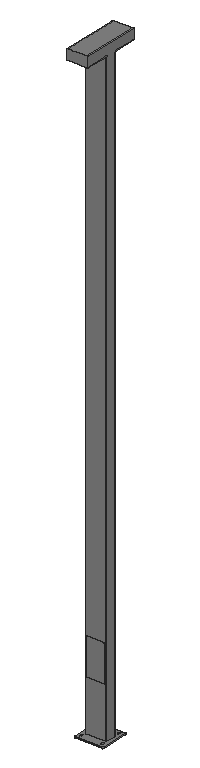
Revit family "Супремус В", category Осветительные приборы, Revit 2019 (continued)
Types (7, lengths in mm): name | Файл фотометрической сетки | built-in parameter 1150105 | Lumens | built-in parameter 1150106 | built-in parameter 1150142 | Wattage | L_общая рассеиватели | ADSK_Фактическая мощность | ADSK_Размер_Высота | ADSK_Номинальная мощность | ADSK_Наименование | ADSK_Масса_Текст | ADSK_Масса | ADSK_Артикул | 2
    0.0 0.0 0.0 0.0 0.0 0.0 0.0 0.0 0.0 0.0 0.0 0.0 0.0 0.0 0.0 0.0 0.0 0.0 0.0 0.0 0.0 0.0\r\n 0.0 0.0 0.0 0.0 0.0 0.0 0.0 0.0 0.0 0.0 0.0 0.0 0.0 0.0 0.0 0.0 0.0 0.0 0.0 0.0 0.0 0.0 0.0 0.0 0.0 0.0 0.0 0.0 0.0 0.0 0.0 0.0\r\n 0.0 0.0 0.0 0.0 0.0\r\n275.6 273.7 271.8 269.8 267.9 265.9 264.0 262.0 260.0 257.9 255.6 253.3 251.0 248.8 246.1 243.5 240.4 237.2 233.8 230.1 226.8\r\n 223.3 220.1 217.1 214.2 211.4 209.0 206.5 203.6 200.6 197.6 194.5 191.5 188.3 185.1 181.9 178.6 175.4 171.7 167.9 164.1 160.3\r\n 157.0 153.7 150.5 147.5 144.5 141.6 138.7 135.8 133.1 130.7 128.9 127.4 126.3 124.5 122.6 120.8 119.4 117.7 115.8 113.8 111.8\r\n 109.5 107.1 104.6 102.1 99.7 97.4 95.1 92.7 90.3 87.8 85.5 83.3 81.3 79.2 77.1 75.0 73.0 71.0 69.0 67.0 65.2 63.2 61.2 59.1 57.1\r\n 55.1 53.0 51.0 49.2 47.5 46.0 44.6 43.3 42.0 40.8 39.9 39.1 38.3 37.6 37.1 36.7 36.5 36.3 36.0 35.7 35.2 34.6 34.1 33.7 33.4 33.4\r\n 33.6 34.1 33.9 32.6 31.7 30.9 30.3 29.9 29.4 28.7 28.0 27.5 27.1 26.8 26.9 27.3 28.1 28.9 30.1 32.0 34.5 37.0 39.1 40.8 41.2 42.0\r\n 42.7 42.8 42.6 41.8 41.0 40.2 39.3 38.3 37.3 36.3 35.4 35.4 35.9 35.3 34.7 33.9 33.8 33.5 33.0 32.0 31.2 29.9 28.3 26.9 25.6 24.7\r\n 23.8 23.0 22.0 21.1 20.2 19.2 18.1 16.7 14.9 13.3 12.3 11.2 10.0 8.9 8.1 7.5 6.9 6.5 6.6 6.1 5.8 5.8 5.3 5.3 4.3 3.9 3.8 3.6 3.7\r\n 3.7 3.4 3.2 2.3 2.1 1.8 0.0 0.0 0.0 0.0 0.0 0.0 0.0 0.0 0.0 0.0 0.0 0.0 0.0 0.0 0.0 0.0 0.0 0.0 0.0 0.0 0.0 0.0 0.0 0.0 0.0 0.0\r\n 0.0 0.0 0.0 0.0 0.0 0.0 0.0 0.0 0.0 0.0 0.0 0.0 0.0 0.0 0.0 0.0 0.0 0.0 0.0 0.0 0.0 0.0 0.0 0.0 0.0 0.0 0.0 0.0 0.0 0.0 0.0 0.0\r\n 0.0 0.0 0.0 0.0 0.0 0.0 0.0 0.0 0.0 0.0 0.0 0.0 0.0 0.0 0.0 0.0 0.0 0.0 0.0 0.0 0.0 0.0 0.0 0.0 0.0 0.0 0.0 0.0 0.0 0.0 0.0 0.0\r\n 0.0 0.0 0.0 0.0 0.0 0.0 0.0 0.0 0.0 0.0 0.0 0.0 0.0 0.0 0.0 0.0 0.0 0.0 0.0 0.0 0.0 0.0 0.0 0.0 0.0 0.0 0.0 0.0 0.0 0.0 0.0 0.0\r\n 0.0 0.0 0.0 0.0 0.0 0.0 0.0 0.0 0.0 0.0 0.0 0.0 0.0 0.0 0.0 0.0 0.0 0.0 0.0 0.0 0.0 0.0 0.0 0.0 0.0 0.0 0.0 0.0 0.0 0.0 0.0 0.0\r\n 0.0 0.0 0.0 0.0 0.0 0.0\r\n275.6 274.0 272.1 270.3 268.4 266.6 264.6 262.9 261.0 259.1 257.1 254.9 252.7 250.4 248.0 245.7 243.1 240.2 237.2 234.1 230.9\r\n 227.5 224.1 221.0 218.1 215.2 212.5 210.1 207.6 205.1 202.5 199.5 196.8 194.1 191.3 188.5 185.6 182.6 179.7 176.8 173.7 170.4\r\n 167.1 163.7 160.4 157.2 154.4 151.6 149.0 146.4 143.9 141.5 139.1 136.7 134.5 132.4 130.5 129.1 127.6 126.3 125.0 123.7 122.2\r\n 120.7 119.1 117.3 115.4 113.4 111.3 109.2 107.0 104.7 102.5 100.4 98.3 96.1 93.9 91.6 89.3 87.0 84.8 82.6 80.5 78.5 76.6 74.8\r\n 73.0 71.3 69.4 67.4 65.5 63.7 61.8 60.1 58.4 56.6 54.7 53.1 51.6 50.4 49.3 48.3 47.3 46.3 45.5 45.1 44.6 44.0 43.7 43.2 42.7 42.4\r\n 41.9 41.5 41.0 40.5 40.5 40.8 41.1 40.8 40.2 39.6 38.9 38.4 38.0 37.7 37.4 37.1 36.7 36.3 36.0 35.9 36.1 36.5 37.0 37.5 38.7 40.3\r\n 41.7 42.9 43.7 45.3 47.0 48.8 49.4 49.4 49.3 48.6 47.4 46.0 44.8 43.9 42.8 41.3 40.0 38.5 37.7 37.3 36.5 35.8 34.9 33.8 32.3 30.4\r\n 28.6 26.8 25.2 23.6 22.1 20.8 19.6 18.4 17.2 16.0 14.3 12.4 11.0 9.8 8.5 7.3 6.5 6.0 5.5 5.1 4.9 4.9 4.8 4.7 4.4 4.0 3.5 3.3 3.2\r\n 3.2 3.0 2.9 2.7 2.1 2.0 1.7 1.5 0.0 0.0 0.0 0.0 0.0 0.0 0.0 0.0 0.0 0.0 0.0 0.0 0.0 0.0 0.0 0.0 0.0 0.0 0.0 0.0 0.0 0.0 0.0 0.0\r\n 0.0 0.0 0.0 0.0 0.0 0.0 0.0 0.0 0.0 0.0 0.0 0.0 0.0 0.0 0.0 0.0 0.0 0.0 0.0 0.0 0.0 0.0 0.0 0.0 0.0 0.0 0.0 0.0 0.0 0.0 0.0 0.0\r\n 0.0 0.0 0.0 0.0 0.0 0.0 0.0 0.0 0.0 0.0 0.0 0.0 0.0 0.0 0.0 0.0 0.0 0.0 0.0 0.0 0.0 0.0 0.0 0.0 0.0 0.0 0.0 0.0 0.0 0.0 0.0 0.0\r\n 0.0 0.0 0.0 0.0 0.0 0.0 0.0 0.0 0.0 0.0 0.0 0.0 0.0 0.0 0.0 0.0 0.0 0.0 0.0 0.0 0.0 0.0 0.0 0.0 0.0 0.0 0.0 0.0 0.0 0.0 0.0 0.0\r\n 0.0 0.0 0.0 0.0 0.0 0.0 0.0 0.0 0.0 0.0 0.0 0.0 0.0 0.0 0.0 0.0 0.0 0.0 0.0 0.0 0.0 0.0 0.0 0.0 0.0 0.0 0.0 0.0 0.0 0.0 0.0 0.0\r\n 0.0 0.0 0.0 0.0 0.0 0.0 0.0 0.0\r\n275.6 274.1 272.5 270.6 269.1 267.3 265.5 264.1 262.1 260.4 258.7 256.7 254.6 252.5 250.2 248.0 245.9 243.5 241.0 238.4 235.6\r\n 232.7 229.7 226.6 223.5 220.5 217.8 215.0 212.3 209.8 207.4 205.1 202.8 200.4 197.9 195.4 193.0 190.5 188.1 185.7 183.1 180.5\r\n 177.9 175.1 172.5 169.8 167.1 164.3 161.6 158.9 156.3 153.9 151.7 149.6 147.9 146.2 144.6 142.7 141.1 139.4 137.8 136.4 134.8\r\n 133.4 132.3 131.1 129.6 128.1 126.7 125.0 123.3 121.8 120.0 118.2 116.4 114.5 112.6 110.8 109.1 107.4 105.8 104.2 102.6 101.0\r\n 99.4 97.8 96.1 94.5 92.6 90.8 89.1 87.3 85.7 84.1 82.3 80.6 79.0 77.5 76.1 74.8 73.5 72.4 71.5 70.4 69.1 68.2 67.1 66.2 65.2 64.3\r\n 63.5 62.8 62.0 61.3 60.8 60.4 60.2 60.0 59.7 59.5 59.3 58.8 58.6 58.4 57.8 57.2 56.7 56.2 55.7 55.2 54.5 53.9 53.3 53.0 52.7 52.5\r\n 52.5 52.4 52.3 52.4 52.9 53.4 53.9 54.8 56.1 57.5 58.5 59.5 60.3 61.2 61.2 61.1 60.8 60.0 58.4 55.4 52.5 50.2 48.1 45.9 43.5 40.9\r\n 38.5 36.2 33.8 31.6 29.6 27.6 25.6 23.7 21.8 19.9 18.4 17.0 15.5 14.0 11.9 9.9 8.8 7.7 6.9 6.1 5.5 5.1 4.7 4.5 4.7 4.7 4.3 3.7\r\n 3.3 3.0 3.2 3.0 2.7 2.4 2.0 1.9 1.6 1.4 1.3 0.0 0.0 0.0 0.0 0.0 0.0 0.0 0.0 0.0 0.0 0.0 0.0 0.0 0.0 0.0 0.0 0.0 0.0 0.0 0.0 0.0\r\n 0.0 0.0 0.0 0.0 0.0 0.0 0.0 0.0 0.0 0.0 0.0 0.0 0.0 0.0 0.0 0.0 0.0 0.0 0.0 0.0 0.0 0.0 0.0 0.0 0.0 0.0 0.0 0.0 0.0 0.0 0.0 0.0\r\n 0.0 0.0 0.0 0.0 0.0 0.0 0.0 0.0 0.0 0.0 0.0 0.0 0.0 0.0 0.0 0.0 0.0 0.0 0.0 0.0 0.0 0.0 0.0 0.0 0.0 0.0 0.0 0.0 0.0 0.0 0.0 0.0\r\n 0.0 0.0 0.0 0.0 0.0 0.0 0.0 0.0 0.0 0.0 0.0 0.0 0.0 0.0 0.0 0.0 0.0 0.0 0.0 0.0 0.0 0.0 0.0 0.0 0.0 0.0 0.0 0.0 0.0 0.0 0.0 0.0\r\n 0.0 0.0 0.0 0.0 0.0 0.0 0.0 0.0 0.0 0.0 0.0 0.0 0.0 0.0 0.0 0.0 0.0 0.0 0.0 0.0 0.0 0.0 0.0 0.0 0.0 0.0 0.0 0.0 0.0 0.0 0.0 0.0\r\n 0.0 0.0 0.0 0.0 0.0 0.0 0.0 0.0 0.0 0.0 0.0\r\n275.6 274.2 272.7 271.1 269.7 268.1 266.5 264.9 263.4 261.7 260.1 258.5 256.5 254.6 252.6 250.5 248.5 246.5 244.4 242.2 239.9\r\n 237.4 234.9 232.2 229.4 226.6 223.8 221.1 218.4 215.8 213.2 210.8 208.5 206.2 204.1 201.9 199.9 197.7 195.3 193.2 191.2 188.9\r\n 187.1 185.2 183.2 181.2 179.1 177.0 174.9 173.0 171.0 169.2 167.5 165.7 164.0 162.3 160.8 159.3 157.9 156.6 155.2 154.2 153.1\r\n 151.8 150.5 149.3 148.0 146.6 145.1 143.4 141.6 139.9 138.2 136.8 135.5 134.4 133.3 132.3 131.3 130.1 129.0 127.8 126.6 125.2\r\n 123.8 122.4 121.0 119.6 118.2 116.8 115.6 114.6 113.1 111.9 110.5 109.6 108.3 107.1 106.2 105.5 104.5 103.3 102.3 101.4 100.4\r\n 99.3 98.1 97.1 95.9 94.8 93.8 92.9 92.0 91.4 90.7 90.2 89.6 89.1 88.5 88.0 87.8 87.5 87.4 87.5 87.2 86.8 86.9 86.5 85.9 85.5 85.1\r\n 84.8 84.5 84.2 83.8 83.3 82.6 82.2 81.9 81.3 80.9 80.7 80.1 79.8 79.5 79.2 78.0 76.8 75.6 74.2 72.3 69.7 67.1 63.8 60.6 55.9 50.9\r\n 46.6 42.4 38.5 35.5 33.1 30.8 29.0 27.5 26.3 25.4 24.4 23.6 22.7 21.6 20.7 20.0 19.0 18.1 16.9 15.5 13.4 11.1 9.5 7.9 6.8 6.0 5.3\r\n 4.7 4.2 3.8 3.4 3.4 3.2 3.3 2.9 2.8 2.6 2.3 2.0 1.7 1.5 1.4 1.2 1.2 0.0 0.0 0.0 0.0 0.0 0.0 0.0 0.0 0.0 0.0 0.0 0.0 0.0 0.0 0.0\r\n 0.0 0.0 0.0 0.0 0.0 0.0 0.0 0.0 0.0 0.0 0.0 0.0 0.0 0.0 0.0 0.0 0.0 0.0 0.0 0.0 0.0 0.0 0.0 0.0 0.0 0.0 0.0 0.0 0.0 0.0 0.0 0.0\r\n 0.0 0.0 0.0 0.0 0.0 0.0 0.0 0.0 0.0 0.0 0.0 0.0 0.0 0.0 0.0 0.0 0.0 0.0 0.0 0.0 0.0 0.0 0.0 0.0 0.0 0.0 0.0 0.0 0.0 0.0 0.0 0.0\r\n 0.0 0.0 0.0 0.0 0.0 0.0 0.0 0.0 0.0 0.0 0.0 0.0 0.0 0.0 0.0 0.0 0.0 0.0 0.0 0.0 0.0 0.0 0.0 0.0 0.0 0.0 0.0 0.0 0.0 0.0 0.0 0.0\r\n 0.0 0.0 0.0 0.0 0.0 0.0 0.0 0.0 0.0 0.0 0.0 0.0 0.0 0.0 0.0 0.0 0.0 0.0 0.0 0.0 0.0 0.0 0.0 0.0 0.0 0.0 0.0 0.0 0.0 0.0 0.0 0.0\r\n 0.0 0.0 0.0 0.0 0.0 0.0 0.0 0.0 0.0 0.0 0.0 0.0 0.0 0.0 0.0 0.0 0.0\r\n275.6 274.5 273.1 271.8 270.3 269.0 267.6 266.3 264.7 263.4 261.8 260.1 258.7 257.0 255.2 253.4 251.8 249.9 247.9 246.0 244.1\r\n 242.0 239.9 237.7 235.5 233.3 231.0 228.6 226.3 223.8 221.5 219.0 216.5 214.2 211.9 209.7 207.4 205.3 203.3 201.5 199.8 198.0\r\n 196.3 194.6 193.1 191.7 190.5 189.2 188.1 187.1 186.2 185.1 183.9 182.8 181.7 180.7 179.6 178.5 177.6 176.7 175.9 174.8 174.0\r\n 173.1 172.0 170.9 169.5 168.4 166.8 165.4 164.0 162.6 161.5 160.4 159.5 158.7 157.8 156.9 156.0 155.1 154.3 153.4 152.4 151.3\r\n 150.2 149.3 148.4 147.6 146.9 146.7 145.9 145.0 144.3 143.6 142.5 141.6 141.4 140.7 139.8 138.8 137.9 137.0 135.8 134.8 133.9\r\n 133.0 132.1 131.3 130.5 129.8 129.1 128.4 127.9 127.5 127.1 126.7 126.6 126.4 126.3 126.0 125.8 125.5 125.1 125.0 124.8 124.1\r\n 123.4 122.7 122.2 121.7 121.3 121.1 120.6 120.0 119.3 118.6 118.0 117.0 115.8 114.3 112.6 110.5 107.9 104.6 100.9 97.1 93.2 89.6\r\n 85.0 79.4 74.0 69.0 63.4 56.9 50.6 45.2 40.6 37.4 35.3 33.5 32.1 30.9 30.1 29.4 28.7 27.9 26.9 25.6 24.1 22.6 20.9 19.1 17.5 16.1\r\n 14.7 13.3 11.7 10.4 9.3 7.9 6.4 5.5 4.9 4.3 3.8 3.4 3.0 2.6 2.3 2.3 2.3 2.3 2.3 2.0 1.7 1.4 1.4 1.3 1.3 1.2 1.2 0.0 0.0 0.0 0.0\r\n 0.0 0.0 0.0 0.0 0.0 0.0 0.0 0.0 0.0 0.0 0.0 0.0 0.0 0.0 0.0 0.0 0.0 0.0 0.0 0.0 0.0 0.0 0.0 0.0 0.0 0.0 0.0 0.0 0.0 0.0 0.0 0.0\r\n 0.0 0.0 0.0 0.0 0.0 0.0 0.0 0.0 0.0 0.0 0.0 0.0 0.0 0.0 0.0 0.0 0.0 0.0 0.0 0.0 0.0 0.0 0.0 0.0 0.0 0.0 0.0 0.0 0.0 0.0 0.0 0.0\r\n 0.0 0.0 0.0 0.0 0.0 0.0 0.0 0.0 0.0 0.0 0.0 0.0 0.0 0.0 0.0 0.0 0.0 0.0 0.0 0.0 0.0 0.0 0.0 0.0 0.0 0.0 0.0 0.0 0.0 0.0 0.0 0.0\r\n 0.0 0.0 0.0 0.0 0.0 0.0 0.0 0.0 0.0 0.0 0.0 0.0 0.0 0.0 0.0 0.0 0.0 0.0 0.0 0.0 0.0 0.0 0.0 0.0 0.0 0.0 0.0 0.0 0.0 0.0 0.0 0.0\r\n 0.0 0.0 0.0 0.0 0.0 0.0 0.0 0.0 0.0 0.0 0.0 0.0 0.0 0.0 0.0 0.0 0.0 0.0 0.0 0.0 0.0 0.0 0.0 0.0 0.0 0.0 0.0 0.0\r\n275.6 274.6 273.5 272.3 271.1 269.8 268.7 267.3 266.1 264.8 263.5 261.9 260.6 259.2 257.7 256.3 254.8 253.2 251.7 250.0 248.2\r\n 246.4 244.5 242.6 240.7 238.9 237.2 235.3 233.4 231.6 229.6 227.4 225.3 223.1 221.1 219.3 217.2 215.3 213.5 211.6 210.0 208.4\r\n 206.9 205.7 204.4 203.3 202.3 201.3 200.4 199.6 199.1 198.7 198.2 197.7 197.3 196.7 196.4 195.9 195.6 195.3 195.2 194.9 194.3\r\n 193.7 193.2 192.6 191.7 191.0 190.3 189.5 188.8 188.1 187.4 186.9 186.2 185.8 185.2 184.6 184.1 183.4 182.9 182.4 182.0 181.5\r\n 181.2 180.9 180.7 180.8 180.8 180.1 179.4 179.1 178.7 178.4 178.5 178.4 177.6 176.8 176.2 175.4 174.3 173.3 172.4 171.8 171.2\r\n 170.6 170.1 169.6 169.3 169.0 168.7 168.4 168.1 167.9 167.8 167.6 167.5 167.5 167.4 167.2 167.0 166.6 166.2 165.8 165.4 164.8\r\n 164.4 164.2 164.0 163.6 163.1 162.4 161.6 160.3 159.0 157.3 155.4 153.1 150.1 146.5 142.0 137.0 132.0 126.4 119.6 112.2 104.8\r\n 97.6 90.1 83.2 76.7 71.3 66.4 63.0 59.7 57.8 56.7 55.2 53.5 51.5 48.9 46.0 42.6 39.0 35.1 31.3 27.8 24.6 21.8 19.0 16.6 14.5 12.7\r\n 11.2 9.8 8.6 7.5 6.6 5.9 5.3 4.5 3.7 3.3 3.1 2.9 2.6 2.3 2.1 2.0 1.9 1.7 1.5 1.4 1.3 1.2 1.1 1.1 1.1 1.2 1.2 1.2 0.0 0.0 0.0 0.0\r\n 0.0 0.0 0.0 0.0 0.0 0.0 0.0 0.0 0.0 0.0 0.0 0.0 0.0 0.0 0.0 0.0 0.0 0.0 0.0 0.0 0.0 0.0 0.0 0.0 0.0 0.0 0.0 0.0 0.0 0.0 0.0 0.0\r\n 0.0 0.0 0.0 0.0 0.0 0.0 0.0 0.0 0.0 0.0 0.0 0.0 0.0 0.0 0.0 0.0 0.0 0.0 0.0 0.0 0.0 0.0 0.0 0.0 0.0 0.0 0.0 0.0 0.0 0.0 0.0 0.0\r\n 0.0 0.0 0.0 0.0 0.0 0.0 0.0 0.0 0.0 0.0 0.0 0.0 0.0 0.0 0.0 0.0 0.0 0.0 0.0 0.0 0.0 0.0 0.0 0.0 0.0 0.0 0.0 0.0 0.0 0.0 0.0 0.0\r\n 0.0 0.0 0.0 0.0 0.0 0.0 0.0 0.0 0.0 0.0 0.0 0.0 0.0 0.0 0.0 0.0 0.0 0.0 0.0 0.0 0.0 0.0 0.0 0.0 0.0 0.0 0.0 0.0 0.0 0.0 0.0 0.0\r\n 0.0 0.0 0.0 0.0 0.0 0.0 0.0 0.0 0.0 0.0 0.0 0.0 0.0 0.0 0.0 0.0 0.0 0.0 0.0 0.0 0.0 0.0 0.0 0.0 0.0 0.0 0.0 0.0\r\n275.6 274.9 273.9 272.9 272.0 270.8 269.8 268.8 267.7 266.6 265.4 264.1 262.9 261.6 260.3 259.1 257.8 256.6 255.2 253.9 252.5\r\n 251.0 249.6 247.9 246.4 244.8 243.2 241.7 240.0 238.2 236.9 235.3 233.9 232.6 231.1 229.8 228.3 227.1 225.6 224.3 223.0 222.0\r\n 220.7 219.7 218.6 217.8 216.9 216.0 215.4 214.7 214.0 213.5 213.1 212.6 212.3 211.7 211.4 211.3 211.2 211.1 211.0 210.8 210.8\r\n 210.8 210.7 210.7 210.6 210.8 210.8 210.8 210.9 211.1 211.3 211.4 211.5 211.5 211.5 211.4 211.4 211.5 211.7 211.9 211.9 212.1\r\n 212.3 212.6 213.2 213.5 213.4 213.3 213.4 213.4 213.8 214.1 213.9 213.2 212.9 212.5 211.9 211.5 211.3 211.1 211.0 210.9 210.9\r\n 210.9 210.8 210.8 210.8 210.8 210.9 211.0 211.0 211.1 211.3 211.7 212.3 212.9 213.3 213.6 214.1 214.4 214.6 214.7 214.8 214.7\r\n 214.4 214.2 213.8 213.2 211.9 210.0 207.8 204.8 201.7 198.5 194.3 189.5 184.1 178.3 172.2 165.8 157.9 150.2 142.1 134.7 127.3\r\n 119.8 112.4 106.8 103.0 100.5 98.7 97.7 96.6 94.1 89.8 83.3 75.8 67.4 59.0 50.9 42.7 35.4 29.7 25.2 21.8 18.9 16.4 14.1 12.1 10.4\r\n 9.0 8.0 7.0 6.3 5.6 4.9 4.2 3.7 3.4 3.2 3.1 3.0 2.6 2.3 2.1 2.0 1.8 1.6 1.4 1.2 1.1 1.1 1.1 1.1 1.1 1.1 1.2 1.2 1.2 0.0 0.0 0.0\r\n 0.0 0.0 0.0 0.0 0.0 0.0 0.0 0.0 0.0 0.0 0.0 0.0 0.0 0.0 0.0 0.0 0.0 0.0 0.0 0.0 0.0 0.0 0.0 0.0 0.0 0.0 0.0 0.0 0.0 0.0 0.0 0.0\r\n 0.0 0.0 0.0 0.0 0.0 0.0 0.0 0.0 0.0 0.0 0.0 0.0 0.0 0.0 0.0 0.0 0.0 0.0 0.0 0.0 0.0 0.0 0.0 0.0 0.0 0.0 0.0 0.0 0.0 0.0 0.0 0.0\r\n 0.0 0.0 0.0 0.0 0.0 0.0 0.0 0.0 0.0 0.0 0.0 0.0 0.0 0.0 0.0 0.0 0.0 0.0 0.0 0.0 0.0 0.0 0.0 0.0 0.0 0.0 0.0 0.0 0.0 0.0 0.0 0.0\r\n 0.0 0.0 0.0 0.0 0.0 0.0 0.0 0.0 0.0 0.0 0.0 0.0 0.0 0.0 0.0 0.0 0.0 0.0 0.0 0.0 0.0 0.0 0.0 0.0 0.0 0.0 0.0 0.0 0.0 0.0 0.0 0.0\r\n 0.0 0.0 0.0 0.0 0.0 0.0 0.0 0.0 0.0 0.0 0.0 0.0 0.0 0.0 0.0 0.0 0.0 0.0 0.0 0.0 0.0 0.0 0.0 0.0 0.0 0.0 0.0 0.0 0.0\r\n275.6 275.1 274.4 273.6 272.7 271.8 271.0 270.0 269.2 268.1 267.0 266.1 265.0 264.0 262.9 261.9 260.7 259.6 258.5 257.4 256.1\r\n 254.9 253.8 252.4 251.3 250.1 248.9 247.6 246.5 245.2 244.0 242.8 241.9 240.9 239.9 239.2 238.2 237.3 236.6 235.9 235.3 234.8\r\n 234.4 233.9 233.5 233.1 232.9 232.5 231.9 231.4 231.1 230.6 230.3 229.9 229.6 229.4 229.3 228.9 228.8 228.6 228.4 228.4 228.5\r\n 228.6 228.7 229.1 229.5 229.9 230.2 230.7 231.0 231.6 232.2 232.7 233.1 233.6 234.2 234.7 235.3 235.9 236.4 237.0 237.6 238.4\r\n 239.4 240.8 241.7 242.1 242.5 243.2 244.1 245.1 245.5 245.4 245.4 245.5 245.4 245.5 245.8 245.9 246.1 246.5 246.8 247.3 247.7\r\n 248.0 248.5 249.0 249.3 249.7 249.8 250.3 251.0 251.9 252.8 253.8 254.7 255.6 256.4 256.7 256.9 256.7 256.4 256.1 256.1 256.0\r\n 255.6 254.6 252.8 250.7 248.2 244.7 240.1 235.1 230.0 225.0 220.1 215.3 210.0 204.1 198.6 192.8 186.7 180.9 175.4 169.7 164.5\r\n 160.1 156.9 155.3 154.2 151.0 146.1 139.0 128.6 115.3 100.4 85.0 70.6 60.0 49.4 38.7 32.0 27.0 22.7 18.9 15.7 13.2 11.2 9.7 8.5\r\n 7.6 6.8 6.0 5.4 4.7 4.2 3.6 3.2 3.0 2.9 2.8 2.6 2.5 2.4 2.2 1.8 1.6 1.4 1.2 1.1 1.0 1.0 1.0 1.0 1.0 1.1 1.1 1.1 1.2 1.2 0.0 0.0\r\n 0.0 0.0 0.0 0.0 0.0 0.0 0.0 0.0 0.0 0.0 0.0 0.0 0.0 0.0 0.0 0.0 0.0 0.0 0.0 0.0 0.0 0.0 0.0 0.0 0.0 0.0 0.0 0.0 0.0 0.0 0.0 0.0\r\n 0.0 0.0 0.0 0.0 0.0 0.0 0.0 0.0 0.0 0.0 0.0 0.0 0.0 0.0 0.0 0.0 0.0 0.0 0.0 0.0 0.0 0.0 0.0 0.0 0.0 0.0 0.0 0.0 0.0 0.0 0.0 0.0\r\n 0.0 0.0 0.0 0.0 0.0 0.0 0.0 0.0 0.0 0.0 0.0 0.0 0.0 0.0 0.0 0.0 0.0 0.0 0.0 0.0 0.0 0.0 0.0 0.0 0.0 0.0 0.0 0.0 0.0 0.0 0.0 0.0\r\n 0.0 0.0 0.0 0.0 0.0 0.0 0.0 0.0 0.0 0.0 0.0 0.0 0.0 0.0 0.0 0.0 0.0 0.0 0.0 0.0 0.0 0.0 0.0 0.0 0.0 0.0 0.0 0.0 0.0 0.0 0.0 0.0\r\n 0.0 0.0 0.0 0.0 0.0 0.0 0.0 0.0 0.0 0.0 0.0 0.0 0.0 0.0 0.0 0.0 0.0 0.0 0.0 0.0 0.0 0.0 0.0 0.0 0.0 0.0 0.0 0.0 0.0 0.0\r\n275.6 275.2 274.7 274.0 273.6 272.9 272.1 271.5 270.5 269.8 269.0 268.1 267.3 266.4 265.5 264.6 263.9 262.9 261.9 260.8 259.8\r\n 258.7 257.7 256.8 255.7 254.7 253.9 252.9 252.1 251.1 250.4 249.9 249.3 248.6 248.3 247.7 247.1 246.8 246.5 246.5 246.4 246.4\r\n 246.5 246.4 246.3 246.3 246.5 246.4 246.5 246.5 246.5 246.6 246.7 246.8 247.0 247.1 247.1 247.4 247.4 247.5 247.8 248.1 248.3\r\n 248.5 249.0 249.6 250.1 250.6 251.1 251.8 252.3 252.9 253.4 254.0 254.5 255.1 255.8 256.6 257.5 258.5 259.2 260.2 261.2 262.3\r\n 263.9 265.3 266.2 267.0 268.1 269.6 270.6 271.2 271.4 271.5 271.8 272.0 272.3 272.5 273.3 274.0 274.5 275.0 275.6 276.3 276.7\r\n 277.1 277.9 278.8 279.5 280.4 281.8 283.0 284.6 286.3 287.6 289.1 290.4 291.3 291.9 291.9 291.5 291.2 290.7 290.2 289.9 289.3\r\n 288.0 285.8 283.5 280.5 276.5 272.0 267.1 262.2 257.7 253.3 249.0 244.7 240.4 236.4 232.4 227.6 223.2 219.0 215.4 211.7 207.3\r\n 203.7 200.0 195.1 188.1 178.8 166.6 151.4 132.7 113.9 95.4 80.5 67.6 54.9 43.4 33.3 26.0 20.5 16.7 13.8 11.8 10.1 8.9 7.9 7.1 6.4\r\n 5.9 5.4 5.0 4.4 3.8 3.3 3.0 2.8 2.7 2.6 2.6 2.6 2.6 2.1 1.7 1.5 1.3 1.1 1.1 1.0 1.0 1.0 1.0 1.0 1.1 1.1 1.1 1.2 1.2 0.0 0.0 0.0\r\n 0.0 0.0 0.0 0.0 0.0 0.0 0.0 0.0 0.0 0.0 0.0 0.0 0.0 0.0 0.0 0.0 0.0 0.0 0.0 0.0 0.0 0.0 0.0 0.0 0.0 0.0 0.0 0.0 0.0 0.0 0.0 0.0\r\n 0.0 0.0 0.0 0.0 0.0 0.0 0.0 0.0 0.0 0.0 0.0 0.0 0.0 0.0 0.0 0.0 0.0 0.0 0.0 0.0 0.0 0.0 0.0 0.0 0.0 0.0 0.0 0.0 0.0 0.0 0.0 0.0\r\n 0.0 0.0 0.0 0.0 0.0 0.0 0.0 0.0 0.0 0.0 0.0 0.0 0.0 0.0 0.0 0.0 0.0 0.0 0.0 0.0 0.0 0.0 0.0 0.0 0.0 0.0 0.0 0.0 0.0 0.0 0.0 0.0\r\n 0.0 0.0 0.0 0.0 0.0 0.0 0.0 0.0 0.0 0.0 0.0 0.0 0.0 0.0 0.0 0.0 0.0 0.0 0.0 0.0 0.0 0.0 0.0 0.0 0.0 0.0 0.0
     0.0 0.0 0.0 0.0 0.0\r\n 0.0 0.0 0.0 0.0 0.0 0.0 0.0 0.0 0.0 0.0 0.0 0.0 0.0 0.0 0.0 0.0 0.0 0.0 0.0 0.0 0.0 0.0 0.0 0.0 0.0 0.0 0.0 0.0 0.0\r\n275.6 275.4 275.1 274.8 274.3 273.9 273.4 272.8 272.2 271.6 271.0 270.2 269.6 268.9 268.3 267.4 266.8 266.0 265.2 264.3 263.6\r\n 262.5 261.6 260.8 260.1 259.4 258.7 257.9 257.5 256.9 256.4 256.1 255.6 255.4 255.2 255.0 254.8 254.8 255.1 255.4 255.5 255.6\r\n 255.9 256.3 256.7 257.0 257.3 257.7 258.1 258.5 259.1 259.6 260.2 260.6 261.3 261.8 262.3 262.9 263.8 264.5 265.2 266.2 267.0\r\n 267.8 268.9 269.7 270.6 271.5 272.4 273.5 274.4 275.4 276.5 277.3 278.4 279.3 280.2 281.2 282.0 283.2 284.3 285.5 287.0 288.7\r\n 290.5 291.5 292.5 293.7 295.1 296.5 297.0 297.2 297.6 298.1 298.4 298.7 299.1 299.6 300.3 300.8 301.5 302.4 303.4 304.4 305.4\r\n 306.6 308.2 309.8 311.5 313.4 315.4 317.1 319.1 320.9 322.0 323.0 323.8 323.9 323.6 323.1 322.1 321.3 320.3 319.5 318.7 317.1\r\n 314.7 311.8 308.0 304.1 300.1 295.5 290.8 285.9 281.1 276.6 272.5 268.3 263.8 259.4 255.0 251.1 247.7 244.5 240.8 236.0 231.1\r\n 225.1 217.4 207.1 195.4 181.5 164.8 146.3 126.2 105.9 88.8 73.9 60.6 47.4 34.1 25.5 19.7 15.8 13.0 11.5 10.2 9.2 8.5 7.8 7.0 6.3\r\n 5.7 5.1 4.5 4.1 3.5 3.0 2.7 2.5 2.4 2.3 2.2 2.1 1.9 1.8 1.7 1.5 1.3 1.2 1.1 1.0 0.9 0.9 0.9 1.0 1.0 1.0 1.0 1.1 1.1 0.0 0.0 0.0\r\n 0.0 0.0 0.0 0.0 0.0 0.0 0.0 0.0 0.0 0.0 0.0 0.0 0.0 0.0 0.0 0.0 0.0 0.0 0.0 0.0 0.0 0.0 0.0 0.0 0.0 0.0 0.0 0.0 0.0 0.0 0.0 0.0\r\n 0.0 0.0 0.0 0.0 0.0 0.0 0.0 0.0 0.0 0.0 0.0 0.0 0.0 0.0 0.0 0.0 0.0 0.0 0.0 0.0 0.0 0.0 0.0 0.0 0.0 0.0 0.0 0.0 0.0 0.0 0.0 0.0\r\n 0.0 0.0 0.0 0.0 0.0 0.0 0.0 0.0 0.0 0.0 0.0 0.0 0.0 0.0 0.0 0.0 0.0 0.0 0.0 0.0 0.0 0.0 0.0 0.0 0.0 0.0 0.0 0.0 0.0 0.0 0.0 0.0\r\n 0.0 0.0 0.0 0.0 0.0 0.0 0.0 0.0 0.0 0.0 0.0 0.0 0.0 0.0 0.0 0.0 0.0 0.0 0.0 0.0 0.0 0.0 0.0 0.0 0.0 0.0 0.0 0.0 0.0 0.0 0.0 0.0\r\n 0.0 0.0 0.0 0.0 0.0 0.0 0.0 0.0 0.0 0.0 0.0 0.0 0.0 0.0 0.0 0.0 0.0 0.0 0.0 0.0 0.0 0.0 0.0 0.0 0.0 0.0 0.0 0.0 0.0\r\n275.6 275.6 275.4 275.4 275.1 275.0 274.6 274.5 274.0 273.6 273.1 272.6 272.1 271.6 271.2 270.5 269.9 269.3 268.8 268.0 267.4\r\n 266.9 266.3 265.6 265.0 264.5 264.1 263.6 263.2 263.0 262.7 262.5 262.4 262.4 262.3 262.4 262.5 262.8 263.1 263.2 263.6 264.1\r\n 264.6 265.1 265.7 266.3 266.8 267.5 268.0 268.6 269.3 270.0 270.6 271.4 272.2 272.9 274.0 274.8 275.8 276.8 277.9 279.0 280.1\r\n 281.1 282.3 283.5 284.7 286.1 287.2 288.5 289.8 291.2 292.5 294.0 295.6 296.9 298.3 299.9 301.1 302.3 303.8 305.3 307.0 309.2\r\n 310.7 312.1 313.4 315.4 317.5 318.3 318.9 319.8 320.8 321.9 322.8 323.7 324.9 326.2 327.1 328.4 329.9 331.5 333.0 334.7 336.5\r\n 338.5 340.6 342.9 345.1 347.3 349.5 351.3 352.7 353.8 354.6 355.1 355.0 354.6 353.9 353.3 352.9 352.1 350.9 350.0 348.7 346.8\r\n 343.7 340.1 336.0 332.0 328.1 323.5 318.6 314.1 309.6 304.7 300.3 295.5 290.9 286.8 283.6 281.0 278.4 276.0 271.5 265.0 257.4\r\n 247.6 235.1 220.3 205.5 189.6 171.6 151.8 130.1 108.8 90.3 73.3 59.4 45.5 31.5 24.0 18.8 15.4 13.3 11.9 10.7 9.6 8.8 7.9 7.1 6.4\r\n 5.7 5.1 4.4 3.8 3.2 2.6 2.3 2.0 2.0 2.0 2.0 2.0 1.8 1.8 1.6 1.5 1.3 1.1 1.1 1.0 0.9 0.9 0.9 0.9 0.9 0.9 1.0 1.0 1.0 0.0 0.0 0.0\r\n 0.0 0.0 0.0 0.0 0.0 0.0 0.0 0.0 0.0 0.0 0.0 0.0 0.0 0.0 0.0 0.0 0.0 0.0 0.0 0.0 0.0 0.0 0.0 0.0 0.0 0.0 0.0 0.0 0.0 0.0 0.0 0.0\r\n 0.0 0.0 0.0 0.0 0.0 0.0 0.0 0.0 0.0 0.0 0.0 0.0 0.0 0.0 0.0 0.0 0.0 0.0 0.0 0.0 0.0 0.0 0.0 0.0 0.0 0.0 0.0 0.0 0.0 0.0 0.0 0.0\r\n 0.0 0.0 0.0 0.0 0.0 0.0 0.0 0.0 0.0 0.0 0.0 0.0 0.0 0.0 0.0 0.0 0.0 0.0 0.0 0.0 0.0 0.0 0.0 0.0 0.0 0.0 0.0 0.0 0.0 0.0 0.0 0.0\r\n 0.0 0.0 0.0 0.0 0.0 0.0 0.0 0.0 0.0 0.0 0.0 0.0 0.0 0.0 0.0 0.0 0.0 0.0 0.0 0.0 0.0 0.0 0.0 0.0 0.0 0.0 0.0 0.0 0.0 0.0 0.0 0.0\r\n 0.0 0.0 0.0 0.0 0.0 0.0 0.0 0.0 0.0 0.0 0.0 0.0 0.0 0.0 0.0 0.0 0.0 0.0 0.0 0.0 0.0 0.0 0.0 0.0 0.0 0.0 0.0 0.0 0.0\r\n" | 88.8638 W | 550 | 119.4 W | 6000 | 120 W | "ДТУ121с10 Светодиодный светильник Супремус-B ДТУ-121-AF-ДТУП1212(60Вт)+ДТУП1212(60Вт)-6.0" | "127" | 127 | "ДТУ121с10" | yes
